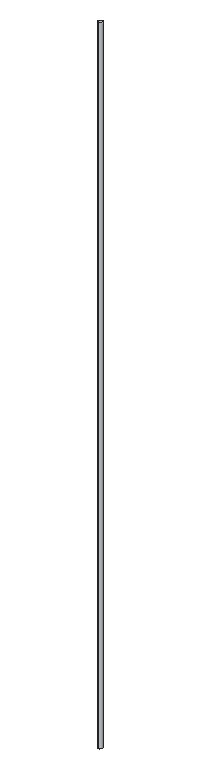
Revit family "Gewindestange", category HLS-Bauteile, Revit 2023
Family settings
  Bemaßung runder Anschluss = Durchmesser verwenden
  Teiletyp = Normal
  Arbeitsebenenbasiert = Ja
  Immer vertikal = Nein
  Beim Laden mit Abzugskörper schneiden = Nein
  Beschriftungsausrichtung beibehalten = Nein
  Gemeinsam genutzt = Ja
  Raumberechnungspunkt = Nein
Parameters (values of type "Gewindestange M8x1000")
  vpe = "50"
  Default Elevation = 1219.2 mm
  Regelhalter [instance] = ""
  Montagelänge [instance] = 1000 mm
  Mengeneinheit = "St"
  Materialname = ""
  Material = "Stahl"
  Länge = 1000 mm
  Kurztext2 = "M8 x 1.000 mm gvz FK 4.6"
  Kurztext1 = "Gewindestange DIN 976-1"
  Gewinde = "M8"
  Gewicht pro Stück [instance] = (Gewicht * Montagelänge / (1000 mm * 1000)) * 1000  # 0.326 kg
  Gewicht pro Bauteil [instance] = Gewicht  # 0.326 kg
  Gewicht = 0.326 kg
  Gesamtlänge [instance] = Montagelänge  # 1000 mm
  Gesamtgewicht [instance] = Gewicht pro Bauteil  # 0.326 kg
  Festigkeitsklasse = "4.6"
  Fabrikat = "MEFA"
  EAN = "4250928416452"
  D = 6.5 mm
  Bund = "50 St"
  Artikelnummer = "0730084"
Types (12, lengths in mm): name | vpe | Montagelänge | Länge | Kurztext2 | Gewinde | Gewicht pro Stück | Gewicht pro Bauteil | Gewicht | Gesamtlänge | Gesamtgewicht | EAN | D | Bund | Artikelnummer
  Gewindestange M8x1000 | "50" | 1000 | 1000 | "M8 x 1.000 mm gvz FK 4.6" | "M8" | 0.326 kg | 0.326 kg | 0.326 kg | 1000 | 0.326 kg | "4250928416452" | 6.5 | "50 St" | "0730084"
  Gewindestange M8x2000 | "25" | 2000 | 2000 | "M8 x 2.000 mm gvz FK 4.6" | "M8" | 1.306 kg | 0.653 kg | 0.653 kg | 2000 | 0.653 kg | "4250928416490" | 6.5 | "25 St" | "0730289"
  Gewindestange M8x3000 | "50" | 3000 | 3000 | "M8 x 3.000 mm gvz FK 4.6" | "M8" | 2.94 kg | 0.98 kg | 0.98 kg | 3000 | 0.98 kg | "4250928416537" | 6.5 | "50 St" | "0730483"
  Gewindestange M10x1000 | "25" | 1000 | 1000 | "M10 x 1.000 mm gvz FK 4.6" | "M10" | 0.51 kg | 0.51 kg | 0.51 kg | 1000 | 0.51 kg | "4250928416469" | 8.2 | "25 St" | "0730106"
  Gewindestange M10x2000 | "20" | 2000 | 2000 | "M10 x 2.000 mm gvz FK 4.6" | "M10" | 2.042 kg | 1.021 kg | 1.021 kg | 2000 | 1.021 kg | "4250928416506" | 8.2 | "20 St" | "0730300"
  Gewindestange M10x3000 | "25" | 3000 | 3000 | "M10 x 3.000 mm gvz FK 4.6" | "M10" | 4.593 kg | 1.531 kg | 1.531 kg | 3000 | 1.531 kg | "4250928416544" | 8.2 | "25 St" | "0730505"
  Gewindestange M12x1000 | "25" | 1000 | 1000 | "M12 x 1.000 mm gvz FK 4.6" | "M12" | 0.735 kg | 0.735 kg | 0.735 kg | 1000 | 0.735 kg | "4250928416476" | 10.2 | "25 St" | "0730122"
  Gewindestange M12x2000 | "20" | 2000 | 2000 | "M12 x 2.000 mm gvz FK 4.6" | "M12" | 2.94 kg | 1.47 kg | 1.47 kg | 2000 | 1.47 kg | "4250928416513" | 10.2 | "20 St" | "0730327"
  Gewindestange M12x3000 | "25" | 3000 | 3000 | "M12 x 3.000 mm gvz FK 4.6" | "M12" | 6.615 kg | 2.205 kg | 2.205 kg | 3000 | 2.205 kg | "4250928416551" | 10.2 | "25 St" | "0730521"
  Gewindestange M16x1000 | "10" | 1000 | 1000 | "M16 x 1.000 mm gvz FK 4.6" | "M16" | 1.306 kg | 1.306 kg | 1.306 kg | 1000 | 1.306 kg | "4250928416483" | 13.6 | "10 St" | "0730165"
  Gewindestange M16x2000 | "10" | 2000 | 2000 | "M16 x 2.000 mm gvz FK 4.6" | "M16" | 5.226 kg | 2.613 kg | 2.613 kg | 2000 | 2.613 kg | "4250928416520" | 13.6 | "10 St" | "0730378"
  Gewindestange M16x3000 | "20" | 3000 | 3000 | "M16 x 3.000 mm gvz FK 4.6" | "M16" | 11.76 kg | 3.92 kg | 3.92 kg | 3000 | 3.92 kg | "4250928416568" | 13.6 | "20 St" | "0730564"
Reference planes
  plane 1 "Mitte (Vorne/hinten)": y = 0
  plane 2: z = 0
  plane 3 "Mitte (Links/rechts)": x = 0
  plane 4: z = 1000
  plane 5: z = 0
Forms (mm)
  Extrusion 1, solid
    sketch origin (-41.08, -101.286, 240) x (0, 1, 0) y (-1, 0, 0)
      loop
        circle (101.286, -41.08) r 3.25
    from -240 to 760
Lines and regions (mm)
  model lines, not visible
    curve 1: line (9.299, 0, 1000) -> (-10.701, 0, 1000)
    curve 2: line (0, 15.717, 1000) -> (0, -4.283, 1000)
    curve 3: line (0, 10.717, 0) -> (0, -9.283, 0)
    curve 4: line (6.799, 0, 0) -> (-13.201, 0, 0)
    curve 5: line (0, 0, 1067.337) -> (0, 0, -112.663)
Dimensions and locks
  "Montagelänge": plane 5 to plane 4
  "D": diameter of Extrusion 1 sketch curve
  aligned and locked: level to plane 2
  aligned and locked: curve 5 to plane 1 "Mitte (Vorne/hinten)"
  aligned and locked: plane 3 "Mitte (Links/rechts)" to Extrusion 1
  aligned and locked: curve 5 to Extrusion 1
  aligned and locked: Extrusion 1 to plane 5
  aligned and locked: plane 4 to Extrusion 1
  aligned and locked: level to plane 5
Automatic sketch dimensions
  curve 3 to level = 0 mm
  curve 2 to plane 4 = 0 mm
  plane 1 "Mitte (Vorne/hinten)" to curve 3 = 9.283 mm
  plane 1 "Mitte (Vorne/hinten)" to curve 2 = 4.283 mm
  curve 3 to plane 1 "Mitte (Vorne/hinten)" = 10.717 mm
  curve 2 to plane 1 "Mitte (Vorne/hinten)" = 15.717 mm
  curve 4 to level = 0 mm
  curve 1 to plane 4 = 0 mm
  curve 1 to plane 3 "Mitte (Links/rechts)" = 10.701 mm
  curve 4 to plane 3 "Mitte (Links/rechts)" = 13.201 mm
  plane 3 "Mitte (Links/rechts)" to curve 4 = 6.799 mm
  plane 3 "Mitte (Links/rechts)" to curve 1 = 9.299 mm
  curve 5 to level = 112.663 mm
  plane 4 to curve 5 = 67.337 mm
  plane 1 "Mitte (Vorne/hinten)" to Extrusion 1 sketch curve = 0 mm
  Extrusion 1 sketch curve to plane 3 "Mitte (Links/rechts)" = 0 mm
